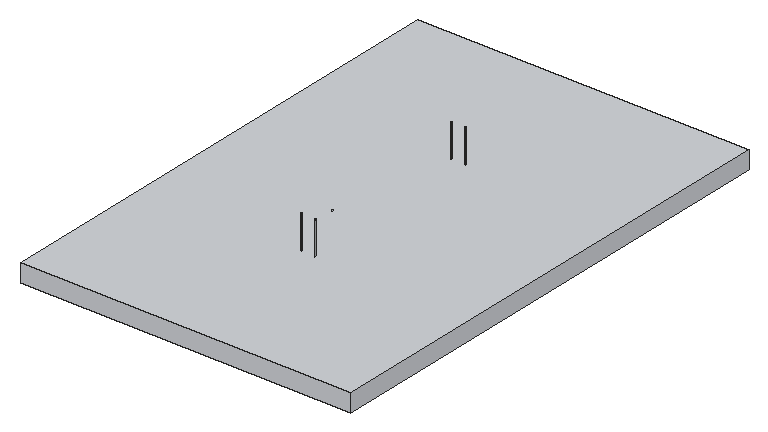
Revit family "ABRFB1180xxWSxxxMRM0400", category Leuchten, Revit 2019
Family settings
  Basisbauteil = Fläche
  Bemaßung runder Anschluss = Durchmesser verwenden
  Teiletyp = Normal
  OmniClass-Nummer = 23.80.70.11
  OmniClass-Titel = Luminaries for Internal Lighting
  Beim Laden mit Abzugskörper schneiden = Nein
  Lichtquelle = Ja
  Gemeinsam genutzt = Nein
  Raumberechnungspunkt = Nein
Parameters (values of type "ABRFB1180DAWS830MRM0400")
  width = 131 mm  # constant formula
  weight = "3.48"
  voltage type (AC, DC, UC) = "AC"
  suspension hight [instance] = 200 mm
  rated input power = 33  # constant formula
  product name = "ABRFB1180DAWS830MRM0400"
  nominal voltage = "230"
  nominal frequency = "50-60Hz"
  length = 1180 mm  # constant formula
  ingress protection (IP) code = "IP20"
  height = 59 mm  # constant formula
  electrical safety class = "1"
  control gear = ""
  conformity mark = "CE"  # constant formula
  brand = "RIDI"
  approval mark = ""
  built-in parameter 1150104 = 13.8 (stored number, unit not read)
  Wattage = 26.2552 W
  Von Breite des Rechtecks ausssenden = 1054 mm  # constant formula
  Von Länge des Rechtecks aussenden = 48 mm  # constant formula
  Default Elevation = 0 mm
  built-in parameter 1150113 = 1 (stored number, unit not read)
  built-in parameter 1114218 = 1 (stored number, unit not read)
  URL = "www.ridi.de"
  built-in parameter 1150134 = (empty or 0)
  built-in parameter 1150109 = 1 (stored number, unit not read)
  built-in parameter 1150110 = 1 (stored number, unit not read)
  Apparent Load = 33 VA  # constant formula
  Tilt Angle = 90.00°
  Modell = "0667751"
  built-in parameter 1114217 = 1 (stored number, unit not read)
  built-in parameter 1150139 = (empty or 0)
  built-in parameter 1150105 = 310.35 (stored number, unit not read)
  built-in parameter 1150114 = 1 (stored number, unit not read)
  Lumens = 3900 lm
  built-in parameter 1150115 = 1 (stored number, unit not read)
  built-in parameter 1150112 = 1 (stored number, unit not read)
  Lampe = "LED"
  Hersteller = "RIDI Leuchten GmbH"  # constant formula
  Dimming Lamp Color Temperature Shift = (empty or 0)
  Color Filter = 16777215
  built-in parameter 1150133 = 10 (stored number, unit not read)
  Emit Shape Visible in Rendering = no
  built-in parameter 1150137 = (empty or 0)
  built-in parameter 1150132 = 2
  Datei für fotometrisches Netz = "ABRFB_MRM.IES"
  Copyright = "© RIDI. All rights reserved."  # constant formula
  built-in parameter 1150106 = 3.1035 (stored number, unit not read)
  Baugruppenkennzeichen = "D5020200"
  built-in parameter 1150107 = 3000 (stored number, unit not read)
  built-in parameter 1150102 = (empty or 0)
  built-in parameter 1150138 = (empty or 0)
Types (5, lengths in mm): name | weight | product name | Wattage | built-in parameter 1150134 | Modell | built-in parameter 1150105 | Lumens | built-in parameter 1150106 | built-in parameter 1150107
  (no name) | "3.48" | "ABRFB1180DAWS830MRM0400" | 26.2552 W | (empty or 0) | "0667751" | 310.35 (stored number, unit not read) | 3900 lm | 3.1035 (stored number, unit not read) | 3000 (stored number, unit not read)
  ABRFB1180DAWS830MRM0400 | "3.48" | "ABRFB1180DAWS830MRM0400" | 26.2552 W | (empty or 0) | "0667751" | 310.35 (stored number, unit not read) | 3900 lm | 3.1035 (stored number, unit not read) | 3000 (stored number, unit not read)
  ABRFB1180DAWS840MRM0400 | "3,48" | "ABRFB1180DAWS840MRM0400" | 27.6016 W | 12 | "0667744" | 326.27 (stored number, unit not read) | 4100 lm | 3.2627 (stored number, unit not read) | 4000 (stored number, unit not read)
  ABRFB1180NDWS830MRM0400 | "3,48" | "ABRFB1180NDWS830MRM0400" | 26.2552 W | (empty or 0) | "0657751" | 310.35 (stored number, unit not read) | 3900 lm | 3.1035 (stored number, unit not read) | 3000 (stored number, unit not read)
  ABRFB1180NDWS840MRM0400 | "3,48" | "ABRFB1180NDWS840MRM0400" | 27.6016 W | 12 | "0657744" | 326.27 (stored number, unit not read) | 4100 lm | 3.2627 (stored number, unit not read) | 4000 (stored number, unit not read)
Reference planes
  plane 1 "Mitte (Vorne/hinten)": y = 0
  plane 2: z = 0
  plane 3 "Mitte (Links/rechts)": x = 0
  plane 4: z = 200
Forms (mm)
  Extrusion 1, solid
    sketch origin (219.2, 280.8, 0) x (1, 0, 0) y (0, 1, 0)
      loop
        line (-1219.2, 1219.2) -> (-1219.2, -1780.8) -> (780.8, -1780.8) -> (780.8, 1219.2) -> (-1219.2, 1219.2)
    from 0 to -107.307
  Extrusion 2, solid
    sketch origin (0, -0.173, 0) x (1, 0, 0) y (0, 1, 0)
      loop
        circle (-41.828, 558.582) r 1
      loop
        circle (-44.857, -571.284) r 1
      loop
        circle (39.609, -572.166) r 1
      loop
        circle (42.664, 558.49) r 1
    from -4.941 to 200
  Extrusion 3, solid
    sketch origin (0, 0, 0) x (1, 0, 0) y (0, 1, 0)
      loop
        circle (52.862, -458.025) r 3.194
    from 201 to 200
Dimensions and locks
  "suspension hight": plane 4 to Extrusion 1
  locked: Extrusion 2 to Extrusion 1 at 4.941
  aligned and locked: plane 2 to Extrusion 1
  aligned and locked: imposter light to plane 3 "Mitte (Links/rechts)"
  aligned and locked: plane 4 to Extrusion 2
  aligned and locked: imposter light to import instance
  aligned and locked: Extrusion 3 to import instance  (x2)
  aligned and locked: import instance to plane 4
Automatic sketch dimensions
  Extrusion 1 sketch curve to Extrusion 1 sketch curve = 2000 mm
  Extrusion 1 sketch curve to Extrusion 1 sketch curve = 3000 mm
  Extrusion 2 sketch curve to plane 3 "Mitte (Links/rechts)" = 44.857 mm
  Extrusion 2 sketch curve to plane 3 "Mitte (Links/rechts)" = 41.828 mm
  plane 3 "Mitte (Links/rechts)" to Extrusion 2 sketch curve = 39.609 mm
  plane 3 "Mitte (Links/rechts)" to Extrusion 2 sketch curve = 42.664 mm
  plane 1 "Mitte (Vorne/hinten)" to Extrusion 2 sketch curve = 572.339 mm
  Extrusion 2 sketch curve to Extrusion 2 sketch curve = 0.882 mm
  Extrusion 2 sketch curve to plane 1 "Mitte (Vorne/hinten)" = 558.317 mm
  Extrusion 2 sketch curve to Extrusion 2 sketch curve = 0.093 mm
  plane 3 "Mitte (Links/rechts)" to Extrusion 3 sketch curve = 52.862 mm
  plane 1 "Mitte (Vorne/hinten)" to Extrusion 3 sketch curve = 458.025 mm
  radius of Extrusion 2 sketch curve = 1 mm  (x4)
  radius of Extrusion 3 sketch curve = 3.194 mm
Connectors
  electrical at (52.862, -458.025, 200), driven by "Apparent Load"
    settings: on Extrusion 3, index 2, voltage 230 V, apparent load 0 VA, apparent load phase1 33 VA, apparent load phase2 0 VA, apparent load phase3 0 VA, power factor 1, load classification "Lighting", number of poles 1, system type 31, power factor state 1, is connector primary yes, connector utility no, sub classification motor no, connector description ""
